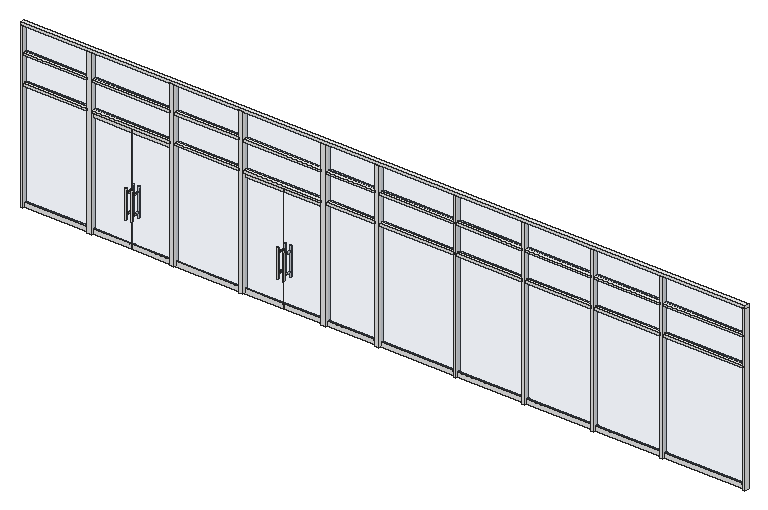
Revit family
Parameters
  프레임 투영 외부. = 25 mm
  프레임 투영 내부. = 25 mm
  프레임 폭 = 75 mm
  Height = 3600 mm
  Wall Closure = (empty or 0)
  Width = 15765 mm
  문 폭 = 1800 mm
  문 두께 = 100 mm
  문 패널 = SSD7 문 패널
  문 높이 = 2400 mm
  문 핸들 = 금속 - 크롬(2)
  문 프레임 = SSD7 문 프레임
Reference planes
  plane 1: y = 0
  plane 2 "왼쪽": x = -9107.5
  plane 3 "오른쪽": x = 6657.5
  plane 4: z = 3600
  plane 5 "외부": y = 75
  plane 6 "내부": y = -75
  plane 7: x = -9057.5
  plane 8: y = 50
  plane 9: y = -50
  plane 10: z = 3550
  plane 11: z = 2375
  plane 12: z = 2425
  plane 13: z = 2275
  plane 14: z = 100
  plane 15: y = 6
  plane 16: y = -6
  plane 17: y = 16
  plane 18: y = -16
  plane 19: x = -1225
  plane 20: z = 600
  plane 21: z = 1200
  plane 22: z = 2400
  plane 23: z = 3000
  plane 24: z = 2975
  plane 25: z = 3025
  plane 26: x = -2507.5
  plane 27: x = -2557.5
  plane 28: x = -3342.5
  plane 29: x = -3472.5
  plane 30: x = -4307.5
  plane 31: x = -5757.5
  plane 32: x = -5807.5
  plane 33: x = -3407.5
  plane 34: x = -7607.5
  plane 35: x = -5857.5
  plane 36: x = -1347.5
  plane 37: x = 342.5
  plane 38: x = 1842.5
  plane 39: x = 3342.5
  plane 40: x = -2457.5
  plane 41: x = -4357.5
  plane 42: x = -4257.5
  plane 43: x = -1297.5
  plane 44: x = -1397.5
  plane 45: x = 317.5
  plane 46: x = 367.5
  plane 47: x = 1817.5
  plane 48: x = 1867.5
  plane 49: x = 3367.5
  plane 50: x = 3317.5
  plane 51: x = 6607.5
  plane 52: x = -7657.5
  plane 53: x = -7557.5
  plane 54: x = 4842.5
  plane 55: x = 4867.5
  plane 56: x = 4817.5
  plane 57: x = -6642.5
  plane 58: x = -6772.5
  plane 59: x = -6707.5
Forms (mm)
  Extrusion 1, solid, material "SSD7 문 프레임" <- "문 프레임"
    sketch origin (-2581.693, 300, 3000) x (0, 1, 0) y (1, 0, 0)
      loop
        line (-250, -6525.807) -> (-250, -6475.807) -> (-350, -6475.807) -> (-350, -6525.807) -> (-250, -6525.807)
      loop
        line (-250, -5075.807) -> (-250, -4975.807) -> (-350, -4975.807) -> (-350, -5075.807) -> (-250, -5075.807)
      loop
        line (-250, -3275.807) -> (-250, -3175.807) -> (-350, -3175.807) -> (-350, -3275.807) -> (-250, -3275.807)
      loop
        line (-250, -1775.807) -> (-250, -1675.807) -> (-350, -1675.807) -> (-350, -1775.807) -> (-250, -1775.807)
      loop
        line (-250, 24.193) -> (-250, 124.193) -> (-350, 124.193) -> (-350, 24.193) -> (-250, 24.193)
      loop
        line (-250, 1184.193) -> (-250, 1284.193) -> (-350, 1284.193) -> (-350, 1184.193) -> (-250, 1184.193)
      loop
        line (-250, 2899.193) -> (-250, 2949.193) -> (-350, 2949.193) -> (-350, 2899.193) -> (-250, 2899.193)
      loop
        line (-250, 4399.193) -> (-250, 4449.193) -> (-350, 4449.193) -> (-350, 4399.193) -> (-250, 4399.193)
      loop
        line (-250, 5899.193) -> (-250, 5949.193) -> (-350, 5949.193) -> (-350, 5899.193) -> (-250, 5899.193)
      loop
        line (-250, 9189.193) -> (-250, 9239.193) -> (-350, 9239.193) -> (-350, 9189.193) -> (-250, 9189.193)
      loop
        line (-250, 7399.193) -> (-250, 7449.193) -> (-350, 7449.193) -> (-350, 7399.193) -> (-250, 7399.193)
    from -550 to 3000
  Extrusion 2, solid, material "SSD7 문 프레임" <- "문 프레임"
    sketch origin (-2581.693, 300, 3000) x (0, 1, 0) y (1, 0, 0)
      loop
        line (-250, -6525.807) -> (-250, 9239.193) -> (-350, 9239.193) -> (-350, -6525.807) -> (-250, -6525.807)
    from -600 to -550
  Extrusion 3, solid, material "SSD7 문 프레임" <- "문 프레임"
    sketch origin (3388.377, 300, 100) x (1, 0, 0) y (0, 1, 0)
      loop
        line (-12445.877, -284) -> (-12445.877, -294) -> (-11045.877, -294) -> (-11045.877, -284) -> (-12445.877, -284)
      loop
        line (-12445.877, -316) -> (-11045.877, -316) -> (-11045.877, -306) -> (-12445.877, -306) -> (-12445.877, -316)
    from -100 to 0
  Extrusion 4, solid, material "SSD7 문 프레임" <- "문 프레임"
    sketch origin (3388.377, 300, 100) x (1, 0, 0) y (0, 1, 0)
      loop
        line (-10945.877, -294) -> (-10095.877, -294) -> (-10095.877, -284) -> (-10945.877, -284) -> (-10945.877, -294)
      loop
        line (-10945.877, -316) -> (-10095.877, -316) -> (-10095.877, -306) -> (-10945.877, -306) -> (-10945.877, -316)
    from -100 to 0
  Extrusion 5, solid, material "SSD7 문 프레임" <- "문 프레임"
    sketch origin (3388.377, 300, 100) x (1, 0, 0) y (0, 1, 0)
      loop
        line (-9145.877, -294) -> (-7745.877, -294) -> (-7745.877, -284) -> (-9145.877, -284) -> (-9145.877, -294)
      loop
        line (-9145.877, -316) -> (-7745.877, -316) -> (-7745.877, -306) -> (-9145.877, -306) -> (-9145.877, -316)
    from -100 to 0
  Extrusion 6, solid, material "SSD7 문 프레임" <- "문 프레임"
    sketch origin (3388.377, 300, 100) x (1, 0, 0) y (0, 1, 0)
      loop
        line (-10095.877, -294) -> (-9245.877, -294) -> (-9245.877, -284) -> (-10095.877, -284) -> (-10095.877, -294)
      loop
        line (-10095.877, -316) -> (-9245.877, -316) -> (-9245.877, -306) -> (-10095.877, -306) -> (-10095.877, -316)
    from -100 to 0
  Extrusion 7, solid, material "SSD7 문 프레임" <- "문 프레임"
    sketch origin (3388.377, 300, 100) x (1, 0, 0) y (0, 1, 0)
      loop
        line (-7645.877, -294) -> (-6795.877, -294) -> (-6795.877, -284) -> (-7645.877, -284) -> (-7645.877, -294)
      loop
        line (-7645.877, -316) -> (-6795.877, -316) -> (-6795.877, -306) -> (-7645.877, -306) -> (-7645.877, -316)
    from -100 to 0
  Extrusion 8, solid, material "SSD7 문 프레임" <- "문 프레임"
    sketch origin (3388.377, 300, 100) x (1, 0, 0) y (0, 1, 0)
      loop
        line (-6795.877, -294) -> (-5945.877, -294) -> (-5945.877, -284) -> (-6795.877, -284) -> (-6795.877, -294)
      loop
        line (-6795.877, -306) -> (-6795.877, -316) -> (-5945.877, -316) -> (-5945.877, -306) -> (-6795.877, -306)
    from -100 to 0
  Extrusion 9, solid, material "SSD7 문 프레임" <- "문 프레임"
    sketch origin (3388.377, 300, 100) x (1, 0, 0) y (0, 1, 0)
      loop
        line (-5845.877, -284) -> (-5845.877, -294) -> (-4785.877, -294) -> (-4785.877, -284) -> (-5845.877, -284)
      loop
        line (-5845.877, -316) -> (-4785.877, -316) -> (-4785.877, -306) -> (-5845.877, -306) -> (-5845.877, -316)
    from -100 to 0
  Extrusion 10, solid, material "SSD7 문 프레임" <- "문 프레임"
    sketch origin (3388.377, 300, 100) x (1, 0, 0) y (0, 1, 0)
      loop
        line (-4685.877, -294) -> (-3070.877, -294) -> (-3070.877, -284) -> (-4685.877, -284) -> (-4685.877, -294)
      loop
        line (-4685.877, -316) -> (-3070.877, -316) -> (-3070.877, -306) -> (-4685.877, -306) -> (-4685.877, -316)
    from -100 to 0
  Extrusion 11, solid, material "SSD7 문 프레임" <- "문 프레임"
    sketch origin (3388.377, 300, 100) x (1, 0, 0) y (0, 1, 0)
      loop
        line (-3020.877, -294) -> (-1570.877, -294) -> (-1570.877, -284) -> (-3020.877, -284) -> (-3020.877, -294)
      loop
        line (-3020.877, -316) -> (-1570.877, -316) -> (-1570.877, -306) -> (-3020.877, -306) -> (-3020.877, -316)
    from -100 to 0
  Extrusion 12, solid, material "SSD7 문 프레임" <- "문 프레임"
    sketch origin (3388.377, 300, 100) x (1, 0, 0) y (0, 1, 0)
      loop
        line (-1520.877, -294) -> (-70.877, -294) -> (-70.877, -284) -> (-1520.877, -284) -> (-1520.877, -294)
      loop
        line (-1520.877, -316) -> (-70.877, -316) -> (-70.877, -306) -> (-1520.877, -306) -> (-1520.877, -316)
    from -100 to 0
  Extrusion 13, solid, material "SSD7 문 프레임" <- "문 프레임"
    sketch origin (3388.377, 300, 100) x (1, 0, 0) y (0, 1, 0)
      loop
        line (-20.877, -294) -> (1429.123, -294) -> (1429.123, -284) -> (-20.877, -284) -> (-20.877, -294)
      loop
        line (-20.877, -306) -> (-20.877, -316) -> (1429.123, -316) -> (1429.123, -306) -> (-20.877, -306)
    from -100 to 0
  Extrusion 14, solid, material "SSD7 문 패널" <- "문 패널"
    sketch origin (3388.377, 300, 100) x (1, 0, 0) y (0, 1, 0)
      loop
        line (-12445.877, -294) -> (-12445.877, -306) -> (-11045.877, -306) -> (-11045.877, -294) -> (-12445.877, -294)
      loop
        line (-5845.877, -306) -> (-4785.877, -306) -> (-4785.877, -294) -> (-5845.877, -294) -> (-5845.877, -306)
      loop
        line (-4685.877, -306) -> (-3070.877, -306) -> (-3070.877, -294) -> (-4685.877, -294) -> (-4685.877, -306)
      loop
        line (-3020.877, -306) -> (-1570.877, -306) -> (-1570.877, -294) -> (-3020.877, -294) -> (-3020.877, -306)
      loop
        line (-1520.877, -306) -> (-70.877, -306) -> (-70.877, -294) -> (-1520.877, -294) -> (-1520.877, -306)
      loop
        line (-20.877, -306) -> (1429.123, -306) -> (1429.123, -294) -> (-20.877, -294) -> (-20.877, -306)
      loop
        line (1479.123, -294) -> (1479.123, -306) -> (3219.123, -306) -> (3219.123, -294) -> (1479.123, -294)
      loop
        line (-9145.877, -306) -> (-7745.877, -306) -> (-7745.877, -294) -> (-9145.877, -294) -> (-9145.877, -306)
    from -100 to 2275
  Extrusion 15, solid, material "SSD7 문 패널" <- "문 패널"
    sketch origin (3388.377, 300, 100) x (1, 0, 0) y (0, 1, 0)
      loop
        line (-10945.877, -294) -> (-10945.877, -306) -> (-10095.877, -306) -> (-10095.877, -294) -> (-10945.877, -294)
    from -100 to 2275
  Extrusion 16, solid, material "SSD7 문 패널" <- "문 패널"
    sketch origin (3388.377, 300, 100) x (1, 0, 0) y (0, 1, 0)
      loop
        line (-10095.877, -306) -> (-9245.877, -306) -> (-9245.877, -294) -> (-10095.877, -294) -> (-10095.877, -306)
    from -100 to 2275
  Extrusion 17, solid, material "SSD7 문 패널" <- "문 패널"
    sketch origin (3388.377, 300, 100) x (1, 0, 0) y (0, 1, 0)
      loop
        line (-7645.877, -294) -> (-7645.877, -306) -> (-6795.877, -306) -> (-6795.877, -294) -> (-7645.877, -294)
    from -100 to 2275
  Extrusion 18, solid, material "SSD7 문 패널" <- "문 패널"
    sketch origin (3388.377, 300, 100) x (1, 0, 0) y (0, 1, 0)
      loop
        line (-6795.877, -306) -> (-5945.877, -306) -> (-5945.877, -294) -> (-6795.877, -294) -> (-6795.877, -306)
    from -100 to 2275
  Extrusion 19, solid, material "SSD7 문 프레임" <- "문 프레임"
    sketch origin (-2581.693, 300, 2275) x (0, 1, 0) y (1, 0, 0)
      loop
        line (-294, -4975.807) -> (-284, -4975.807) -> (-284, -4125.807) -> (-294, -4125.807) -> (-294, -4975.807)
      loop
        line (-316, -4975.807) -> (-306, -4975.807) -> (-306, -4125.807) -> (-316, -4125.807) -> (-316, -4975.807)
    from 0 to -100
  Extrusion 20, solid, material "SSD7 문 프레임" <- "문 프레임"
    sketch origin (-2581.693, 300, 2275) x (0, 1, 0) y (1, 0, 0)
      loop
        line (-294, -1675.807) -> (-284, -1675.807) -> (-284, -825.807) -> (-294, -825.807) -> (-294, -1675.807)
      loop
        line (-316, -1675.807) -> (-306, -1675.807) -> (-306, -825.807) -> (-316, -825.807) -> (-316, -1675.807)
    from 0 to -100
  Extrusion 21, solid, material "SSD7 문 프레임" <- "문 프레임"
    sketch origin (-2581.693, 300, 2275) x (0, 1, 0) y (1, 0, 0)
      loop
        line (-294, -825.807) -> (-284, -825.807) -> (-284, 24.193) -> (-294, 24.193) -> (-294, -825.807)
      loop
        line (-316, -825.807) -> (-306, -825.807) -> (-306, 24.193) -> (-316, 24.193) -> (-316, -825.807)
    from 0 to -100
  Extrusion 22, solid, material "SSD7 문 프레임" <- "문 프레임"
    sketch origin (-2581.693, 300, 2425) x (0, 1, 0) y (1, 0, 0)
      loop
        line (-250, -6475.807) -> (-250, -5075.807) -> (-350, -5075.807) -> (-350, -6475.807) -> (-250, -6475.807)
      loop
        line (-350, -4975.807) -> (-250, -4975.807) -> (-250, -3275.807) -> (-350, -3275.807) -> (-350, -4975.807)
      loop
        line (-350, -3175.807) -> (-250, -3175.807) -> (-250, -1775.807) -> (-350, -1775.807) -> (-350, -3175.807)
      loop
        line (-350, -1675.807) -> (-250, -1675.807) -> (-250, 24.193) -> (-350, 24.193) -> (-350, -1675.807)
      loop
        line (-350, 124.193) -> (-250, 124.193) -> (-250, 1184.193) -> (-350, 1184.193) -> (-350, 124.193)
      loop
        line (-350, 1284.193) -> (-250, 1284.193) -> (-250, 2899.193) -> (-350, 2899.193) -> (-350, 1284.193)
      loop
        line (-350, 2949.193) -> (-250, 2949.193) -> (-250, 4399.193) -> (-350, 4399.193) -> (-350, 2949.193)
      loop
        line (-350, 4449.193) -> (-250, 4449.193) -> (-250, 5899.193) -> (-350, 5899.193) -> (-350, 4449.193)
      loop
        line (-350, 5949.193) -> (-250, 5949.193) -> (-250, 7399.193) -> (-350, 7399.193) -> (-350, 5949.193)
      loop
        line (-250, 9189.193) -> (-350, 9189.193) -> (-350, 7449.193) -> (-250, 7449.193) -> (-250, 9189.193)
    from 0 to 50
  Extrusion 23, solid, material "SSD7 문 패널" <- "문 패널"
    sketch origin (-2581.693, 300, 2975) x (0, 1, 0) y (1, 0, 0)
      loop
        line (-306, -6475.807) -> (-294, -6475.807) -> (-294, -5075.807) -> (-306, -5075.807) -> (-306, -6475.807)
      loop
        line (-306, -4975.807) -> (-294, -4975.807) -> (-294, -3275.807) -> (-306, -3275.807) -> (-306, -4975.807)
      loop
        line (-306, -3175.807) -> (-294, -3175.807) -> (-294, -1775.807) -> (-306, -1775.807) -> (-306, -3175.807)
      loop
        line (-306, -1675.807) -> (-294, -1675.807) -> (-294, 24.193) -> (-306, 24.193) -> (-306, -1675.807)
      loop
        line (-306, 124.193) -> (-294, 124.193) -> (-294, 1184.193) -> (-306, 1184.193) -> (-306, 124.193)
      loop
        line (-306, 1284.193) -> (-294, 1284.193) -> (-294, 2899.193) -> (-306, 2899.193) -> (-306, 1284.193)
      loop
        line (-306, 2949.193) -> (-294, 2949.193) -> (-294, 4399.193) -> (-306, 4399.193) -> (-306, 2949.193)
      loop
        line (-306, 4449.193) -> (-294, 4449.193) -> (-294, 5899.193) -> (-306, 5899.193) -> (-306, 4449.193)
      loop
        line (-306, 5949.193) -> (-294, 5949.193) -> (-294, 7399.193) -> (-306, 7399.193) -> (-306, 5949.193)
    from 0 to 550
  Extrusion 24, solid, material "SSD7 문 프레임" <- "문 프레임"
    sketch origin (-2581.693, 300, 3025) x (0, 1, 0) y (1, 0, 0)
      loop
        line (-350, -6475.807) -> (-250, -6475.807) -> (-250, -5075.807) -> (-350, -5075.807) -> (-350, -6475.807)
      loop
        line (-350, -4975.807) -> (-250, -4975.807) -> (-250, -3275.807) -> (-350, -3275.807) -> (-350, -4975.807)
      loop
        line (-350, -3175.807) -> (-250, -3175.807) -> (-250, -1775.807) -> (-350, -1775.807) -> (-350, -3175.807)
      loop
        line (-350, -1675.807) -> (-250, -1675.807) -> (-250, 24.193) -> (-350, 24.193) -> (-350, -1675.807)
      loop
        line (-350, 124.193) -> (-250, 124.193) -> (-250, 1184.193) -> (-350, 1184.193) -> (-350, 124.193)
      loop
        line (-350, 1284.193) -> (-250, 1284.193) -> (-250, 2899.193) -> (-350, 2899.193) -> (-350, 1284.193)
      loop
        line (-350, 2949.193) -> (-250, 2949.193) -> (-250, 4399.193) -> (-350, 4399.193) -> (-350, 2949.193)
      loop
        line (-350, 4449.193) -> (-250, 4449.193) -> (-250, 5899.193) -> (-350, 5899.193) -> (-350, 4449.193)
      loop
        line (-350, 5949.193) -> (-250, 5949.193) -> (-250, 7399.193) -> (-350, 7399.193) -> (-350, 5949.193)
      loop
        line (-250, 9189.193) -> (-350, 9189.193) -> (-350, 7449.193) -> (-250, 7449.193) -> (-250, 9189.193)
    from 0 to 50
  Extrusion 25, solid, material "SSD7 문 패널" <- "문 패널"
    sketch origin (-2581.693, 300, 3550) x (0, 1, 0) y (1, 0, 0)
      loop
        line (-306, -6475.807) -> (-294, -6475.807) -> (-294, -5075.807) -> (-306, -5075.807) -> (-306, -6475.807)
      loop
        line (-306, -1675.807) -> (-294, -1675.807) -> (-294, 24.193) -> (-306, 24.193) -> (-306, -1675.807)
      loop
        line (-306, 124.193) -> (-294, 124.193) -> (-294, 1184.193) -> (-306, 1184.193) -> (-306, 124.193)
      loop
        line (-306, 1284.193) -> (-294, 1284.193) -> (-294, 2899.193) -> (-306, 2899.193) -> (-306, 1284.193)
      loop
        line (-306, 2949.193) -> (-294, 2949.193) -> (-294, 4399.193) -> (-306, 4399.193) -> (-306, 2949.193)
      loop
        line (-306, 4449.193) -> (-294, 4449.193) -> (-294, 5899.193) -> (-306, 5899.193) -> (-306, 4449.193)
      loop
        line (-306, 5949.193) -> (-294, 5949.193) -> (-294, 7399.193) -> (-306, 7399.193) -> (-306, 5949.193)
      loop
        line (-306, -4975.807) -> (-294, -4975.807) -> (-294, -3275.807) -> (-306, -3275.807) -> (-306, -4975.807)
      loop
        line (-306, -3175.807) -> (-294, -3175.807) -> (-294, -1775.807) -> (-306, -1775.807) -> (-306, -3175.807)
    from 0 to 525
  Extrusion 26, solid, material "SSD7 문 프레임" <- "문 프레임"
    sketch origin (-2581.693, 300, 3550) x (0, 1, 0) y (1, 0, 0)
      loop
        line (-294, 9189.193) -> (-294, 7449.193) -> (-284, 7449.193) -> (-284, 9189.193) -> (-294, 9189.193)
      loop
        line (-306, 9189.193) -> (-316, 9189.193) -> (-316, 7449.193) -> (-306, 7449.193) -> (-306, 9189.193)
    from 3450 to 3550
  Extrusion 27, solid, material "SSD7 문 패널" <- "문 패널"
    sketch origin (-2581.693, 300, 3550) x (0, 1, 0) y (1, 0, 0)
      loop
        line (-294, 7449.193) -> (-294, 9189.193) -> (-306, 9189.193) -> (-306, 7449.193) -> (-294, 7449.193)
    from 575 to 1125
  Extrusion 28, solid, material "SSD7 문 패널" <- "문 패널"
    sketch origin (-2581.693, 300, 3550) x (0, 1, 0) y (1, 0, 0)
      loop
        line (-294, 7449.193) -> (-294, 9189.193) -> (-306, 9189.193) -> (-306, 7449.193) -> (-294, 7449.193)
    from 0 to 525
  Extrusion 29, solid, material "SSD7 문 프레임" <- "문 프레임"
    sketch origin (-2581.693, 300, 3550) x (0, 1, 0) y (1, 0, 0)
      loop
        line (-294, -4125.807) -> (-284, -4125.807) -> (-284, -3275.807) -> (-294, -3275.807) -> (-294, -4125.807)
      loop
        line (-316, -4125.807) -> (-306, -4125.807) -> (-306, -3275.807) -> (-316, -3275.807) -> (-316, -4125.807)
    from 1175 to 1275
Lines and regions (mm)
  Opening 1
    outline origin (-3050, -75, 0) x (1, 0, 0) y (0, 0, 1)
      loop
        line (-6057.5, 0) -> (9707.5, 0) -> (9707.5, 3600) -> (-6057.5, 3600) -> (-6057.5, 0)
  symbolic lines, style "평면 스윙"
    curve 1: line (-7557.5, 0, 3550) -> (-7557.5, 950.063, 3550)
    curve 2: line (-7557.5, 950.063, 3550) -> (-7525.5, 950.063, 3550)
    curve 3: line (-7525.5, 950.063, 3550) -> (-7525.5, 0, 3550)
    curve 4: line (-7557.5, 0, 3550) -> (-7557.5, -950.063, 3550)
    curve 5: line (-7557.5, -950.063, 3550) -> (-7525.5, -950.063, 3550)
    curve 6: line (-7525.5, -950.063, 3550) -> (-7525.5, 0, 3550)
    curve 7: line (-5657.5, 0, 3550) -> (-5657.5, 950.063, 3550)
    curve 8: line (-5657.5, 950.063, 3550) -> (-5689.5, 950.063, 3550)
    curve 9: line (-5689.5, 950.063, 3550) -> (-5689.5, 0, 3550)
    curve 10: line (-5657.5, 0, 3550) -> (-5657.5, -950.063, 3550)
    curve 11: line (-5657.5, -950.063, 3550) -> (-5689.5, -950.063, 3550)
    curve 12: line (-5689.5, -950.063, 3550) -> (-5689.5, 0, 3550)
    curve 13: line (-4057.5, 0, 3550) -> (-4057.5, 950.063, 3550)
    curve 14: line (-4057.5, 950.063, 3550) -> (-4025.5, 950.063, 3550)
    curve 15: line (-4025.5, 950.063, 3550) -> (-4025.5, 0, 3550)
    curve 16: line (-4057.5, 0, 3550) -> (-4057.5, -950.063, 3550)
    curve 17: line (-4057.5, -950.063, 3550) -> (-4025.5, -950.063, 3550)
    curve 18: line (-4025.5, -950.063, 3550) -> (-4025.5, 0, 3550)
    curve 19: line (-2157.5, 0, 3550) -> (-2157.5, 950.063, 3550)
    curve 20: line (-2157.5, 950.063, 3550) -> (-2189.5, 950.063, 3550)
    curve 21: line (-2189.5, 950.063, 3550) -> (-2189.5, 0, 3550)
    curve 22: line (-2157.5, 0, 3550) -> (-2157.5, -950.063, 3550)
    curve 23: line (-2157.5, -950.063, 3550) -> (-2189.5, -950.063, 3550)
    curve 24: line (-2189.5, -950.063, 3550) -> (-2189.5, 0, 3550)
    curve 25: arc (-7525.5, 950.063, 3550) -> (-6874.319, 660.727, 3550) -> (-6607.5, 0, 3550) r 950
    curve 26: arc (-7525.5, -950.063, 3550) -> (-6874.319, -660.727, 3550) -> (-6607.5, 0, 3550) r 950
    curve 27: arc (-5689.5, -950.063, 3550) -> (-6340.681, -660.727, 3550) -> (-6607.5, 0, 3550) r 950
    curve 28: arc (-5689.5, 950.063, 3550) -> (-6340.891, 660.51, 3550) -> (-6607.5, -0.603, 3550) r 950
    curve 29: arc (-4025.5, 950.063, 3550) -> (-3374.319, 660.727, 3550) -> (-3107.5, 0, 3550) r 950
    curve 30: arc (-4025.5, -950.063, 3550) -> (-3374.319, -660.727, 3550) -> (-3107.5, 0, 3550) r 950
    curve 31: arc (-2189.5, -950.063, 3550) -> (-2840.681, -660.727, 3550) -> (-3107.5, 0, 3550) r 950
    curve 32: arc (-2189.5, 950.063, 3550) -> (-2840.681, 660.727, 3550) -> (-3107.5, 0, 3550) r 950
  symbolic lines, style "입면도 스윙"
    curve 33: line (-6707.5, 0, 2375) -> (-7557.5, 0, 1200)
    curve 34: line (-7557.5, 0, 1200) -> (-6707.5, 0, 0)
    curve 35: line (-6707.5, 0, 0) -> (-5857.5, 0, 1200)
    curve 36: line (-5857.5, 0, 1200) -> (-6707.5, 0, 2375)
    curve 37: line (-3407.5, 0, 2375) -> (-4257.5, 0, 1200)
    curve 38: line (-4257.5, 0, 1200) -> (-3407.5, 0, 0)
    curve 39: line (-3407.5, 0, 0) -> (-2557.5, 0, 1200)
    curve 40: line (-2557.5, 0, 1200) -> (-3407.5, 0, 2375)
Text (mm)
  text "외부" at (-2295.016, 1099.543, 0), in view "참조 레벨"
  text "외부" at (0, 1615.38, 3698.081), in view "왼쪽"
  text "외부" at (0, 1036.032, 3874.932), in view "오른쪽"
Dimensions and locks
  plane 2 "왼쪽" to plane 3 "오른쪽" = 15765 mm
  "Width": plane 2 "왼쪽" to plane 3 "오른쪽"
  "Height": plane 4 to host wall
  "문 높이": host wall to plane 22
  host wall to plane 4 = 3600 mm
  locked: plane 5 "외부" to host wall at 0
  locked: plane 6 "내부" to host wall
  locked: plane 2 "왼쪽" to plane 7 at 50
  "문 두께": plane 8 to plane 9
  locked: plane 10 to plane 4 at 50
  locked: plane 11 to plane 12 at 50
  locked: plane 13 to plane 11 at 100
  locked: level to plane 14 at 100
  plane 15 to host wall to plane 16 = 6 mm locked, 6 mm locked
  locked: plane 16 to plane 18 at 10
  locked: plane 17 to plane 15 at 10
  locked: level to plane 21 at 1200
  locked: plane 11 to plane 22 at 25
  equal spacing: plane 22, plane 23, plane 4
  plane 24 to plane 23 to plane 25 = 25 mm locked, 25 mm locked
  equal spacing: plane 2 "왼쪽", plane 19, plane 3 "오른쪽"
  plane 28 to plane 33 to plane 29 = 65 mm locked, 65 mm locked
  plane 2 "왼쪽" to plane 34 = 1500 mm
  "문 폭": plane 34 to plane 32
  plane 35 to plane 32 to plane 31 = 50 mm locked, 50 mm locked
  "문 폭": plane 30 to plane 26
  plane 32 to plane 30 = 1500 mm
  equal spacing: plane 30, plane 33, plane 26
  locked: plane 26 to plane 36 at 1160
  locked: plane 36 to plane 37 at 1690
  locked: plane 37 to plane 38 at 1500
  locked: plane 38 to plane 39 at 1500
  plane 41 to plane 30 to plane 42 = 50 mm locked, 50 mm locked
  plane 27 to plane 26 to plane 40 = 50 mm locked, 50 mm locked
  locked: plane 51 to plane 3 "오른쪽" at 50
  plane 50 to plane 39 to plane 49 = 25 mm locked, 25 mm locked
  plane 47 to plane 38 to plane 48 = 25 mm locked, 25 mm locked
  plane 45 to plane 37 to plane 46 = 25 mm locked, 25 mm locked
  plane 44 to plane 36 to plane 43 = 50 mm locked, 50 mm locked
  plane 52 to plane 34 to plane 53 = 50 mm locked, 50 mm locked
  plane 56 to plane 54 to plane 55 = 25 mm locked, 25 mm locked
  locked: plane 39 to plane 54 at 1500
  plane 57 to plane 59 to plane 58 = 65 mm locked, 65 mm locked
  equal spacing: plane 34, plane 59, plane 32
  equal spacing: plane 8, plane 1, plane 9
  curve 4 to curve 6 = 32 mm
  curve 12 to curve 10 = 32 mm
  curve 16 to curve 18 = 32 mm
  curve 24 to curve 22 = 32 mm
  aligned and locked: plane 2 "왼쪽" to Opening 1 sketch curve
  aligned and locked: plane 4 to Opening 1 sketch curve
  aligned and locked: Opening 1 sketch curve to plane 4
  aligned and locked: Opening 1 sketch curve to plane 3 "오른쪽"
  aligned and locked: Opening 1 sketch curve to level
  aligned and locked: host wall to plane 1
  aligned and locked: plane 2 "왼쪽" to Extrusion 1 sketch curve
  aligned and locked: Extrusion 1 sketch curve to plane 8
  aligned and locked: Extrusion 1 sketch curve to plane 9
  aligned and locked: Extrusion 1 sketch curve to plane 7
  aligned and locked: plane 52 to Extrusion 1 sketch curve
  aligned and locked: plane 8 to Extrusion 1 sketch curve  (x10)
  aligned and locked: plane 9 to Extrusion 1 sketch curve  (x9)
  aligned and locked: Extrusion 1 sketch curve to plane 53
  aligned and locked: plane 35 to Extrusion 1 sketch curve
  aligned and locked: Extrusion 1 sketch curve to plane 31
  aligned and locked: plane 41 to Extrusion 1 sketch curve
  aligned and locked: plane 42 to Extrusion 1 sketch curve
  aligned and locked: plane 27 to Extrusion 1 sketch curve
  aligned and locked: Extrusion 1 sketch curve to plane 40
  aligned and locked: plane 44 to Extrusion 1 sketch curve
  aligned and locked: Extrusion 1 sketch curve to plane 43
  aligned and locked: plane 45 to Extrusion 1 sketch curve
  aligned and locked: Extrusion 1 sketch curve to plane 46
  aligned and locked: plane 47 to Extrusion 1 sketch curve
  aligned and locked: Extrusion 1 sketch curve to plane 48
  aligned and locked: plane 50 to Extrusion 1 sketch curve
  aligned and locked: Extrusion 1 sketch curve to plane 49
  aligned and locked: plane 51 to Extrusion 1 sketch curve
  aligned and locked: Extrusion 1 sketch curve to plane 3 "오른쪽"
  aligned and locked: Extrusion 1 to level
  aligned and locked: Extrusion 1 to plane 10
  aligned and locked: Extrusion 1 to Extrusion 2 sketch curve
  aligned and locked: Extrusion 2 sketch curve to Extrusion 1  (x3)
  aligned and locked: Extrusion 2 to host wall
  aligned and locked: Extrusion 2 to plane 10
  aligned and locked: plane 7 to Extrusion 3 sketch curve
  aligned and locked: Extrusion 3 sketch curve to plane 17
  aligned and locked: plane 15 to Extrusion 3 sketch curve
  aligned and locked: plane 52 to Extrusion 3 sketch curve
  aligned and locked: Extrusion 3 sketch curve to plane 18
  aligned and locked: plane 16 to Extrusion 3 sketch curve
  aligned and locked: Extrusion 3 sketch curve to plane 52
  aligned and locked: plane 53 to Extrusion 4 sketch curve  (x2)
  aligned and locked: Extrusion 4 sketch curve to plane 15
  aligned and locked: plane 17 to Extrusion 4 sketch curve
  aligned and locked: Extrusion 4 sketch curve to plane 18
  aligned and locked: plane 16 to Extrusion 4 sketch curve
  aligned and locked: plane 31 to Extrusion 5 sketch curve  (x2)
  aligned and locked: Extrusion 5 sketch curve to plane 15
  aligned and locked: plane 17 to Extrusion 5 sketch curve
  aligned and locked: Extrusion 5 sketch curve to plane 18
  aligned and locked: plane 16 to Extrusion 5 sketch curve
  aligned and locked: Extrusion 6 sketch curve to Extrusion 5  (x2)
  aligned and locked: plane 17 to Extrusion 6 sketch curve
  aligned and locked: plane 16 to Extrusion 6 sketch curve
  aligned and locked: plane 42 to Extrusion 7 sketch curve  (x2)
  aligned and locked: Extrusion 7 sketch curve to plane 15
  aligned and locked: plane 17 to Extrusion 7 sketch curve
  aligned and locked: plane 33 to Extrusion 7 sketch curve  (x2)
  aligned and locked: Extrusion 7 sketch curve to plane 18
  aligned and locked: plane 16 to Extrusion 7 sketch curve
  aligned and locked: Extrusion 8 sketch curve to Extrusion 7  (x2)
  aligned and locked: Extrusion 7 to Extrusion 8 sketch curve  (x2)
  aligned and locked: plane 17 to Extrusion 8 sketch curve
  aligned and locked: plane 27 to Extrusion 8 sketch curve
  aligned and locked: plane 18 to Extrusion 8 sketch curve
  aligned and locked: Extrusion 8 sketch curve to plane 27
  aligned and locked: plane 40 to Extrusion 9 sketch curve  (x2)
  aligned and locked: Extrusion 9 sketch curve to plane 17
  aligned and locked: plane 15 to Extrusion 9 sketch curve
  aligned and locked: plane 44 to Extrusion 9 sketch curve
  aligned and locked: plane 16 to Extrusion 9 sketch curve
  aligned and locked: Extrusion 9 sketch curve to plane 44
  aligned and locked: plane 43 to Extrusion 10 sketch curve  (x2)
  aligned and locked: Extrusion 10 sketch curve to plane 15
  aligned and locked: plane 17 to Extrusion 10 sketch curve
  aligned and locked: Extrusion 10 sketch curve to plane 45  (x2)
  aligned and locked: Extrusion 10 sketch curve to plane 18
  aligned and locked: plane 16 to Extrusion 10 sketch curve
  aligned and locked: plane 46 to Extrusion 11 sketch curve  (x2)
  aligned and locked: Extrusion 11 sketch curve to plane 15
  aligned and locked: plane 17 to Extrusion 11 sketch curve
  aligned and locked: Extrusion 11 sketch curve to plane 47  (x2)
  aligned and locked: Extrusion 11 sketch curve to plane 18
  aligned and locked: plane 16 to Extrusion 11 sketch curve
  aligned and locked: plane 48 to Extrusion 12 sketch curve  (x2)
  aligned and locked: Extrusion 12 sketch curve to plane 15
  aligned and locked: plane 17 to Extrusion 12 sketch curve
  aligned and locked: Extrusion 12 sketch curve to plane 50  (x2)
  aligned and locked: Extrusion 12 sketch curve to plane 18
  aligned and locked: plane 16 to Extrusion 12 sketch curve
  aligned and locked: plane 49 to Extrusion 13 sketch curve
  aligned and locked: Extrusion 13 sketch curve to plane 15
  aligned and locked: plane 17 to Extrusion 13 sketch curve
  aligned and locked: Extrusion 1 to Extrusion 13
  aligned and locked: plane 14 to Extrusion 13
  aligned and locked: Extrusion 12 to level
  aligned and locked: plane 14 to Extrusion 12
  aligned and locked: Extrusion 11 to level
  aligned and locked: plane 14 to Extrusion 11
  aligned and locked: Extrusion 10 to level
  aligned and locked: plane 14 to Extrusion 10
  aligned and locked: Extrusion 9 to level
  aligned and locked: plane 14 to Extrusion 9
  aligned and locked: Extrusion 7 to level
  aligned and locked: plane 14 to Extrusion 7
  aligned and locked: Extrusion 8 to level
  aligned and locked: plane 14 to Extrusion 8
  aligned and locked: Extrusion 6 to level
  aligned and locked: plane 14 to Extrusion 6
  aligned and locked: Extrusion 5 to level
  aligned and locked: plane 14 to Extrusion 5
  aligned and locked: Extrusion 4 to level
  aligned and locked: plane 14 to Extrusion 4
  aligned and locked: Extrusion 3 to level
  aligned and locked: Extrusion 3 to plane 14
  aligned and locked: Extrusion 3 to Extrusion 14 sketch curve
  aligned and locked: Extrusion 14 sketch curve to Extrusion 3  (x3)
  aligned and locked: Extrusion 9 to Extrusion 14 sketch curve
  aligned and locked: Extrusion 14 sketch curve to Extrusion 9
  aligned and locked: plane 40 to Extrusion 14 sketch curve
  aligned and locked: Extrusion 14 sketch curve to plane 16
  aligned and locked: Extrusion 14 sketch curve to Extrusion 10  (x3)
  aligned and locked: Extrusion 10 to Extrusion 14 sketch curve
  aligned and locked: Extrusion 14 sketch curve to Extrusion 11  (x3)
  aligned and locked: Extrusion 11 to Extrusion 14 sketch curve
  aligned and locked: Extrusion 14 sketch curve to Extrusion 12  (x3)
  aligned and locked: Extrusion 12 to Extrusion 14 sketch curve
  aligned and locked: Extrusion 13 to Extrusion 14 sketch curve
  aligned and locked: Extrusion 14 to level
  aligned and locked: Extrusion 14 to plane 11
  aligned and locked: Extrusion 16 sketch curve to Extrusion 6
  aligned and locked: Extrusion 6 to Extrusion 16 sketch curve
  aligned and locked: Extrusion 7 to Extrusion 17 sketch curve
  aligned and locked: Extrusion 17 sketch curve to Extrusion 7  (x3)
  aligned and locked: Extrusion 18 sketch curve to Extrusion 17
  aligned and locked: Extrusion 18 sketch curve to Extrusion 7
  aligned and locked: Extrusion 8 to Extrusion 18 sketch curve
  aligned and locked: Extrusion 18 sketch curve to Extrusion 8
  aligned and locked: Extrusion 18 to level
  aligned and locked: Extrusion 17 to level
  aligned and locked: Extrusion 16 to level
  aligned and locked: Extrusion 15 to level
  aligned and locked: Extrusion 18 to plane 11
  aligned and locked: Extrusion 17 to plane 11
  aligned and locked: Extrusion 16 to plane 11
  aligned and locked: Extrusion 15 to plane 11
  aligned and locked: Extrusion 19 sketch curve to Extrusion 4  (x4)
  aligned and locked: Extrusion 4 to Extrusion 19 sketch curve
  aligned and locked: Extrusion 17 to Extrusion 20 sketch curve
  aligned and locked: Extrusion 20 sketch curve to Extrusion 7  (x5)
  aligned and locked: Extrusion 7 to Extrusion 20 sketch curve
  aligned and locked: Extrusion 20 sketch curve to Extrusion 17
  aligned and locked: Extrusion 21 sketch curve to Extrusion 17
  aligned and locked: Extrusion 7 to Extrusion 21 sketch curve
  aligned and locked: Extrusion 21 sketch curve to Extrusion 8  (x4)
  aligned and locked: Extrusion 21 sketch curve to Extrusion 7
  aligned and locked: Extrusion 21 sketch curve to Extrusion 18
  aligned and locked: Extrusion 21 to plane 11
  aligned and locked: Extrusion 20 to plane 11
  aligned and locked: Extrusion 19 to plane 11
  aligned and locked: Extrusion 22 sketch curve to Extrusion 1  (x27)
  aligned and locked: Extrusion 1 to Extrusion 22 sketch curve  (x10)
  aligned and locked: plane 9 to Extrusion 22 sketch curve
  aligned and locked: Extrusion 22 to plane 11
  aligned and locked: Extrusion 23 sketch curve to Extrusion 14  (x11)
  aligned and locked: Extrusion 23 sketch curve to Extrusion 3
  aligned and locked: Extrusion 3 to Extrusion 23 sketch curve
  aligned and locked: Extrusion 23 sketch curve to Extrusion 4
  aligned and locked: Extrusion 4 to Extrusion 23 sketch curve
  aligned and locked: plane 31 to Extrusion 23 sketch curve
  aligned and locked: Extrusion 17 to Extrusion 23 sketch curve
  aligned and locked: Extrusion 23 sketch curve to Extrusion 17  (x2)
  aligned and locked: plane 41 to Extrusion 23 sketch curve
  aligned and locked: Extrusion 23 sketch curve to Extrusion 7
  aligned and locked: Extrusion 8 to Extrusion 23 sketch curve
  aligned and locked: Extrusion 23 sketch curve to Extrusion 18
  aligned and locked: Extrusion 9 to Extrusion 23 sketch curve
  aligned and locked: plane 40 to Extrusion 23 sketch curve
  aligned and locked: Extrusion 23 sketch curve to Extrusion 10
  aligned and locked: Extrusion 10 to Extrusion 23 sketch curve
  aligned and locked: Extrusion 23 sketch curve to Extrusion 11
  aligned and locked: Extrusion 11 to Extrusion 23 sketch curve
  aligned and locked: Extrusion 23 sketch curve to Extrusion 12
  aligned and locked: Extrusion 12 to Extrusion 23 sketch curve
  aligned and locked: Extrusion 23 sketch curve to Extrusion 13
  aligned and locked: plane 12 to Extrusion 23
  aligned and locked: Extrusion 1 to Extrusion 24 sketch curve  (x9)
  aligned and locked: Extrusion 24 sketch curve to Extrusion 1  (x27)
  aligned and locked: Extrusion 24 to plane 24
  aligned and locked: Extrusion 25 sketch curve to Extrusion 14  (x10)
  aligned and locked: Extrusion 25 sketch curve to Extrusion 3
  aligned and locked: Extrusion 3 to Extrusion 25 sketch curve
  aligned and locked: Extrusion 25 sketch curve to Extrusion 17
  aligned and locked: Extrusion 25 sketch curve to Extrusion 7
  aligned and locked: Extrusion 8 to Extrusion 25 sketch curve
  aligned and locked: Extrusion 25 sketch curve to Extrusion 18
  aligned and locked: Extrusion 9 to Extrusion 25 sketch curve
  aligned and locked: Extrusion 25 sketch curve to Extrusion 10
  aligned and locked: Extrusion 10 to Extrusion 25 sketch curve
  aligned and locked: Extrusion 11 to Extrusion 25 sketch curve
  aligned and locked: plane 46 to Extrusion 25 sketch curve
  aligned and locked: Extrusion 25 sketch curve to Extrusion 12
  aligned and locked: Extrusion 12 to Extrusion 25 sketch curve
  aligned and locked: Extrusion 25 sketch curve to Extrusion 13
  aligned and locked: plane 25 to Extrusion 25
  aligned and locked: plane 56 to Extrusion 1 sketch curve
  aligned and locked: Extrusion 1 sketch curve to plane 55
  aligned and locked: plane 59 to Extrusion 4 sketch curve  (x2)
  aligned and locked: Extrusion 14 sketch curve to plane 56
  aligned and locked: plane 55 to Extrusion 14 sketch curve
  aligned and locked: Extrusion 14 sketch curve to plane 15
  aligned and locked: Extrusion 13 sketch curve to plane 56
  aligned and locked: plane 56 to Extrusion 13 sketch curve
  aligned and locked: Extrusion 1 to Extrusion 13 sketch curve
  aligned and locked: Extrusion 13 sketch curve to plane 16
  aligned and locked: plane 18 to Extrusion 13 sketch curve
  aligned and locked: Extrusion 26 sketch curve to Extrusion 14  (x3)
  aligned and locked: plane 17 to Extrusion 26 sketch curve
  aligned and locked: plane 55 to Extrusion 26 sketch curve
  aligned and locked: Extrusion 14 to Extrusion 26 sketch curve
  aligned and locked: plane 18 to Extrusion 26 sketch curve
  aligned and locked: Extrusion 26 sketch curve to plane 55
  aligned and locked: Extrusion 26 to level
  aligned and locked: plane 14 to Extrusion 26
  aligned and locked: Extrusion 14 to Extrusion 27 sketch curve
  aligned and locked: Extrusion 27 sketch curve to Extrusion 14  (x3)
  aligned and locked: Extrusion 27 to plane 12
  aligned and locked: Extrusion 27 to plane 24
  aligned and locked: Extrusion 22 sketch curve to Extrusion 22 sketch curve  (x2)
  aligned and locked: Extrusion 14 to Extrusion 28 sketch curve
  aligned and locked: Extrusion 28 sketch curve to Extrusion 14  (x3)
  aligned and locked: Extrusion 28 to plane 25
  aligned and locked: Extrusion 16 sketch curve to plane 59
  aligned and locked: Extrusion 4 to Extrusion 15 sketch curve
  aligned and locked: Extrusion 15 sketch curve to Extrusion 4
  aligned and locked: Extrusion 15 sketch curve to Extrusion 16  (x2)
  aligned and locked: Extrusion 6 sketch curve to plane 59  (x2)
  aligned and locked: plane 35 to Extrusion 6 sketch curve
  aligned and locked: Extrusion 6 sketch curve to Extrusion 1
  aligned and locked: Extrusion 23 sketch curve to Extrusion 1
  aligned and locked: Extrusion 25 sketch curve to Extrusion 15
  aligned and locked: Extrusion 25 sketch curve to Extrusion 4
  aligned and locked: Extrusion 25 sketch curve to Extrusion 6
  aligned and locked: Extrusion 25 sketch curve to Extrusion 5
  aligned and locked: plane 15 to Extrusion 25 sketch curve
  aligned and locked: Extrusion 29 sketch curve to Extrusion 15
  aligned and locked: Extrusion 29 sketch curve to Extrusion 6  (x4)
  aligned and locked: Extrusion 29 sketch curve to Extrusion 4
  aligned and locked: Extrusion 4 to Extrusion 29 sketch curve
  aligned and locked: plane 13 to Extrusion 29
  aligned and locked: Extrusion 29 to plane 11
  aligned and locked: plane 41 to Extrusion 5 sketch curve  (x2)
  aligned and locked: Extrusion 14 sketch curve to Extrusion 5  (x3)
  aligned and locked: Extrusion 5 to Extrusion 14 sketch curve
  aligned and locked: plane 20 to nested 6
  aligned and locked: plane 20 to nested 5
  aligned and locked: plane 20 to nested 7
  aligned and locked: plane 20 to nested 8
  aligned and locked: nested 2 to plane 20
  aligned and locked: nested 1 to plane 20
  aligned and locked: nested 4 to plane 20
  aligned and locked: nested 3 to plane 20
  aligned and locked: nested 5 to plane 58
  aligned and locked: plane 58 to nested 1
  aligned and locked: plane 57 to nested 2
  aligned and locked: nested 6 to plane 57
  aligned and locked: nested 7 to plane 29
  aligned and locked: plane 29 to nested 3
  aligned and locked: plane 28 to nested 4
  aligned and locked: nested 8 to plane 28
  aligned and locked: plane 31 to Extrusion 25 sketch curve
  aligned and locked: plane 35 to Extrusion 25 sketch curve
  aligned and locked: Extrusion 19 sketch curve to Extrusion 19 sketch curve
  aligned and locked: plane 35 to Extrusion 29 sketch curve
Automatic sketch dimensions
  Extrusion 3 sketch curve to plane 7 = 0 mm
  Extrusion 9 sketch curve to plane 18 = 0 mm
  Extrusion 1 sketch curve to plane 9 = 0 mm
  Extrusion 1 sketch curve to plane 8 = 0 mm  (x2)
  Extrusion 22 sketch curve to plane 8 = 0 mm
  Extrusion 22 sketch curve to plane 9 = 0 mm
  Extrusion 24 sketch curve to plane 56 = 0 mm
  Extrusion 24 sketch curve to plane 9 = 0 mm
  Extrusion 24 sketch curve to plane 8 = 0 mm
  Extrusion 24 sketch curve to plane 55 = 0 mm
  Extrusion 16 sketch curve to plane 35 = 0 mm
  Extrusion 23 sketch curve to plane 16 = 0 mm
  Extrusion 23 sketch curve to plane 15 = 0 mm
  Extrusion 23 sketch curve to plane 56 = 0 mm
  Extrusion 23 sketch curve to plane 53 = 0 mm
  Extrusion 14 sketch curve to plane 49 = 0 mm
  Extrusion 14 sketch curve to plane 51 = 0 mm
  Extrusion 14 sketch curve to plane 16 = 0 mm  (x2)
  plane 27 to curve 23 = 400 mm
  curve 4 to plane 53 = 0 mm
  plane 42 to curve 17 = 200 mm
  plane 35 to curve 11 = 200 mm
  curve 27 to host wall = 0 mm
  curve 13 to host wall = 0 mm
  curve 29 to host wall = 0 mm
  curve 9 to host wall = 0 mm
  curve 7 to host wall = 0 mm
  curve 6 to host wall = 0 mm
  curve 4 to host wall = 0 mm
  curve 18 to host wall = 0 mm
  curve 19 to host wall = 0 mm
  curve 24 to host wall = 0 mm
  plane 33 to curve 31 = 300 mm
  plane 59 to curve 25 = 100 mm
  plane 42 to curve 30 = 200 mm
  host wall to curve 30 = 0.603 mm
  plane 35 to curve 27 = 200 mm
  host wall to curve 27 = 0.603 mm
  host wall to curve 28 = 0.603 mm
  curve 26 to plane 53 = 0 mm
  host wall to curve 26 = 0.603 mm
  plane 27 to curve 31 = 400 mm
  host wall to curve 31 = 0.603 mm
  plane 35 to curve 28 = 199.999 mm
  curve 28 to host wall = 0.603 mm
  plane 27 to curve 32 = 400 mm
  curve 32 to host wall = 0.603 mm
  plane 42 to curve 29 = 200 mm
  curve 29 to host wall = 0.603 mm
  curve 25 to plane 53 = 0 mm
  curve 39 to plane 21 = 0 mm
  curve 39 to plane 27 = 0 mm
  curve 37 to plane 11 = 0 mm
  curve 37 to plane 33 = 0 mm
  curve 39 to level = 0 mm
  curve 39 to plane 33 = 0 mm
  curve 38 to plane 21 = 0 mm
  curve 38 to plane 42 = 0 mm
  curve 35 to plane 21 = 0 mm
  curve 35 to plane 35 = 0 mm
  curve 36 to plane 11 = 0 mm
  curve 36 to plane 59 = 0 mm
  curve 35 to level = 0 mm
  curve 35 to plane 59 = 0 mm
  curve 33 to plane 21 = 0 mm
  curve 33 to plane 53 = 0 mm
  Extrusion 25 sketch curve to plane 16 = 0 mm  (x3)
  Extrusion 25 sketch curve to plane 56 = 0 mm
  Extrusion 25 sketch curve to plane 41 = 0 mm
  Extrusion 19 sketch curve to plane 59 = 0 mm
  Extrusion 19 sketch curve to plane 53 = 0 mm
Nested families
  nested 1: "KO_문 손잡이 유형3" at (-6772.5, -16, 100), type "핸들 유형3 01 길이600"
  nested 2: "KO_문 손잡이 유형3" at (-6642.5, -16, 100), type "핸들 유형3 01 길이600"
  nested 3: "KO_문 손잡이 유형3" at (-3472.5, -16, 100), type "핸들 유형3 01 길이600"
  nested 4: "KO_문 손잡이 유형3" at (-3342.5, -16, 100), type "핸들 유형3 01 길이600"
  nested 5: "KO_문 손잡이 유형3" at (-6772.5, 16, 100), type "핸들 유형3 01 길이600"
  nested 6: "KO_문 손잡이 유형3" at (-6642.5, 16, 100), type "핸들 유형3 01 길이600"
  nested 7: "KO_문 손잡이 유형3" at (-3472.5, 16, 100), type "핸들 유형3 01 길이600"
  nested 8: "KO_문 손잡이 유형3" at (-3342.5, 16, 100), type "핸들 유형3 01 길이600"
Definition of nested family "KO_문 손잡이 유형3"
  Parameters (values of type "핸들 유형3 01 길이600")
    링크 점 = 100 mm
    링크 재료 = 금속 - 크롬(2)
    핸들 재료 = 금속 - 크롬(2)
    핸들 깊이 = 80 mm
    링크 두께 = 10 mm
    핸들 반지름 = 17.5 mm
    기둥 점 = 500 mm
    핸들 길이 = 600 mm
    Assembly Code = ""
  Types (3, lengths in mm): name | 핸들 반지름 | 핸들 길이
    핸들 유형3 01 길이600 | 17.5 | 600
    핸들 유형3 02 길이650 | 15 | 650
    핸들 유형3 03 길이700 | 15 | 700
  Reference planes
    plane 1 "중심(앞/뒤)": y = 0
    plane 2: z = 0
    plane 3 "중심(왼쪽/오른쪽)": x = 0
    plane 4 "하드웨어": z = 500
    plane 5: z = 1100
  Forms (mm)
    Sweep 1, solid, material "금속 - 크롬(2)" <- "핸들 재료"
      path origin (0, 0, 0) x (0, 1, 0) y (0, 0, 1)
        loop
          line (-80, 1100) -> (-80, 500)
      profile origin (0, 0, 800) x (1, 0, 0) y (0, 1, 0)
        loop
          circle (0, -80) r 17.5
    Revolve 2, solid, material "금속 - 크롬(2)" <- "링크 재료"
      sketch origin (0, 0, 0) x (0, 1, 0) y (0, 0, 1)
        loop
          line (-80, 1000) -> (0, 1000) -> (0, 1015) -> (-40, 1015) -> (-80, 1007.081) -> (-80, 1000)
        axis (-80, 1000) -> (0, 1000)
      angle from 0 to 360
    Revolve 3, solid, material "금속 - 크롬(2)" <- "링크 재료"
      sketch origin (0, 0, 0) x (0, 1, 0) y (0, 0, 1)
        loop
          line (0, 600) -> (0, 615) -> (-40, 615) -> (-80, 607.081) -> (-80, 600) -> (0, 600)
        axis (-80, 600) -> (0, 600)
      angle from 0 to 360
  Dimensions and locks
    "기둥 점": plane 4 "하드웨어" to plane 2
    "핸들 길이": plane 5 to plane 4 "하드웨어"
    "핸들 깊이": Sweep 1 sketch curve to plane 1 "중심(앞/뒤)"
    locked: Revolve 2 sketch curve to Revolve 2 sketch curve at 15
    locked: Revolve 2 sketch curve to Revolve 2 sketch curve at 7.081
    "링크 점": Revolve 2 sketch curve to Sweep 1
    locked: Revolve 3 sketch curve to Revolve 3 sketch curve at 7.081
    locked: Revolve 3 sketch curve to Revolve 3 sketch curve at 15
    "링크 점": plane 4 "하드웨어" to Revolve 3 sketch curve
    equal spacing: Revolve 2 sketch curve, Revolve 2 sketch curve, Revolve 2 sketch curve
    equal spacing: Revolve 3 sketch curve, Revolve 3 sketch curve, Revolve 3 sketch curve
    "핸들 반지름": radius of Sweep 1 sketch curve
    aligned and locked: plane 4 "하드웨어" to Sweep 1 sketch curve
    aligned and locked: plane 5 to Sweep 1 sketch curve
    aligned and locked: Sweep 1 to Revolve 2 sketch curve  (x2)
    aligned and locked: Sweep 1 to Revolve 3 sketch curve
    aligned and locked: Revolve 3 sketch curve to plane 1 "중심(앞/뒤)"
  Automatic sketch dimensions
    Sweep 1 sketch curve to plane 3 "중심(왼쪽/오른쪽)" = 0 mm
    Sweep 1 sketch curve to profile plane = 0 mm
    Revolve 2 sketch curve to Revolve 2 sketch curve = 0 mm  (x2)
    Revolve 2 sketch curve to plane 1 "중심(앞/뒤)" = 70 mm
    Revolve 3 sketch curve to Revolve 3 sketch curve = 0 mm  (x2)
    Revolve 3 sketch curve to Revolve 3 sketch curve = 39.243 mm
    Revolve 2 sketch curve to plane 1 "중심(앞/뒤)" = 0 mm
